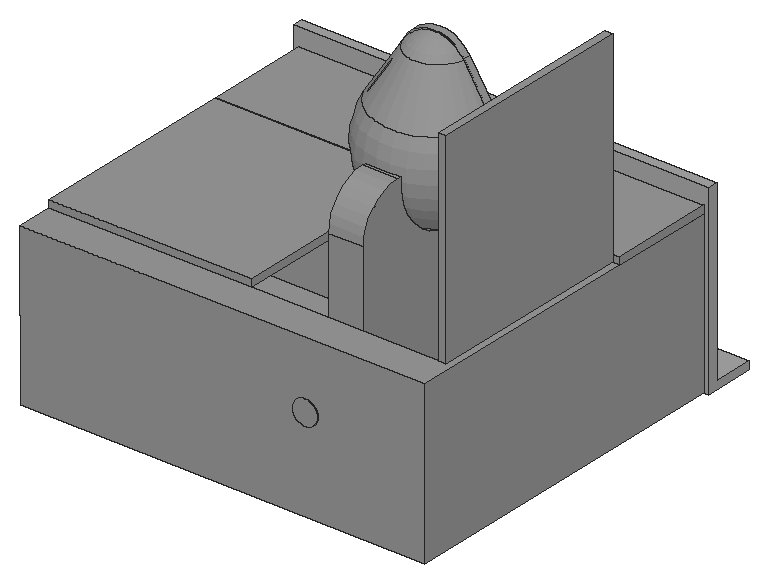
Revit family "Modular_Patient_Care_Unit-Willoughby-Patient_Care_Unit-WH-1750-R-SFO", category Plumbing Fixtures, Revit 2015
Parameters (values of type "Standard")
  Waste RAD [instance] = Waste DIA / 2  # 1 1/4"
  Waste DIA [instance] = 2 1/2"
  Waste Connection = yes
  Vent Connection = no
  URL = "https://www.willoughby-ind.com/wp-content/uploads/2018/01/WH-1750.pdf"
  Type Comments = ""
  Stainless Steel = Stainless Steel AISI 304-Willoughby
  Solid Polymer Finish = Polyethylene, High Density
  Revision = "A"
  Model = "WH-1750-R-SFO"
  Manufacturer = "Willoughby Industries"
  Lav Inlets RAD [instance] = Lav Inlets DIA / 2  # 1/4"
  Lav Inlets DIA [instance] = 1/2"
  Lav Drain DIA [instance] = 1"
  Lav DR-RAD [instance] = Lav Drain DIA / 2  # 1/2"
  HW Connection = yes
  Flush inlet RAD [instance] = Flush inlet DIA / 2  # 1/2"
  Flush inlet DIA [instance] = 1"
  Dialysis Drain DIA [instance] = 1 1/2"
  Dialysis Box Inlets DIA [instance] = 1/2"
  Description = "Patient Care Unit"
  Default Elevation = 0' - 0"
  DB-RAD [instance] = Dialysis Box Inlets DIA / 2  # 1/4"
  D-Drain RAD [instance] = Dialysis Drain DIA / 2  # 3/4"
  Contact Number = "(800) 428-4065"
  CW Connection = yes
  Bed Pan Inlet RAD [instance] = Bed Pan Inlet DIA / 2  # 1/4"
  Bed Pan Inlet DIA [instance] = 1/2"
  Aquasurf Solid Surface = Solid Surface Acrylic Resin-Willoughby
Reference planes (in)
  plane 1 "Base": y = -16.25
  plane 2: z = 0
  plane 3 "Center": x = 18.31072
  plane 4: y = 23.75
  plane 5: z = 36.625
  plane 6: y = 0.75
  plane 7 "Waste": y = -11
  plane 8 "D-HGT": y = 17.5
  plane 9 "Center Line": x = 9.62322
  plane 10 "D-Hot": x = 12.12322
  plane 11 "D-Cold": x = 16.12322
  plane 12 "Flush Inlet": y = 10.25
  plane 13 "D-Drain HT": y = 4.875
  plane 14 "D-Drain OFF": x = 21.87322
  plane 15 "Bed Pan Inlet": y = 10.8125
  plane 16: x = -7.25178
  plane 17: y = 9.25
  plane 18: x = -6.06428
  plane 19: x = -3.18928
  plane 20: y = 7
  plane 21: x = 0.31072
  plane 22: z = 9.375
  plane 23 "FlushValveWaterInlet": x = 9.56072
Forms (in)
  Extrusion 1, solid, material "Stainless Steel AISI 304-Willoughby" <- "Stainless Steel"
    sketch origin (16.25553, 9.45936, 3.73121) x (-0.999983, 0, -0.005769) y (0.005769, 0, -0.999983)
      loop
        line (1.29775, -16.80087) -> (1.39985, 0.89815) -> (-5.6272, 0.93869) -> (-5.72963, -16.81676)
        arc (-5.72963, -16.81676) -> (-8.95149, -21.00624) -> (-8.32598, -26.25419) r 7
        line (-8.32598, -26.25419) -> (-5.16213, -31.30384)
        arc (-5.16213, -31.30384) -> (-2.1962, -32.94554) -> (0.76972, -31.30384) r 3.5
        line (0.76972, -31.30384) -> (3.80565, -26.45542)
        arc (3.80565, -26.45542) -> (4.5729, -21.10311) -> (1.29775, -16.80087) r 7
      loop
        arc (2.03989, -24.70557) -> (-2.20225, -18.23804) -> (-6.44438, -24.70557) r 4.625
        line (-6.44438, -24.70557) -> (-4.04125, -30.23842)
        arc (-4.04125, -30.23842) -> (-2.20225, -31.45225) -> (-0.36324, -30.23842) r 2
        line (-0.36324, -30.23842) -> (2.03989, -24.70557)
    from 8.72968 to 9.5
  Revolve 2, solid, material "Stainless Steel AISI 304-Willoughby" <- "Stainless Steel"
    sketch origin (19.37246, 0.45936, 6.93674) x (-1, 0, 0) y (0, 0, -1)
      loop
        line (1.06174, -12.59906) -> (1.06174, -12.84906)
        arc (1.06174, -12.84906) -> (6.96784, -16.33096) -> (6.78077, -23.18447) r 6.75
        line (6.78077, -23.18447) -> (3.81535, -27.91457)
        arc (3.81535, -27.91457) -> (2.63527, -29.03194) -> (1.06174, -29.43826) r 3.25
        line (1.06174, -29.43826) -> (1.06174, -29.68826)
        arc (1.06174, -29.68826) -> (2.75672, -29.25045) -> (4.02767, -28.04656) r 3.5
        line (4.02767, -28.04656) -> (7.06964, -23.19143)
        arc (7.06964, -23.19143) -> (7.15052, -16.14555) -> (1.06174, -12.59906) r 7
      axis (1.06174, -12.59906) -> (1.06174, -29.68826)
    angle from 0 to -180
  Extrusion 3, solid, material "Stainless Steel AISI 304-Willoughby" <- "Stainless Steel"
    sketch origin (19.53334, -1.02032, 5.9242) x (0, 1, 0) y (0, 0, 1)
      loop
        line (-5.48285, -3.0992) -> (0.97968, -3.0992) -> (0.97968, 13.76202)
        arc (0.97968, 13.76202) -> (-3.33475, 15.6078) -> (-5.48285, 19.77995) r 6.92744
        line (-5.48285, 19.77995) -> (-5.48285, -3.0992)
    from 0.52738 to -2.97262
  Extrusion 4, solid, material "Stainless Steel AISI 304-Willoughby" <- "Stainless Steel"
    sketch origin (17.03334, 29.33792, 6.56919) x (0, 1, 0) y (0, 0, 1)
      loop
        line (-35.84109, -3.74419) -> (-35.84109, 20.30581) -> (-36.18717, 20.30581)
        arc (-36.18717, 20.30581) -> (-39.21058, 19.05347) -> (-40.46292, 16.03006) r 4.27575
        line (-40.46292, 16.03006) -> (-40.46292, -3.74419) -> (-35.84109, -3.74419)
    from -0.47262 to 3.02738
  Extrusion 5, solid, material "Solid Surface Acrylic Resin-Willoughby" <- "Aquasurf Solid Surface"
    sketch origin (0, -16.25, 0) x (1, 0, 0) y (0, 0, 1)
      loop
        line (30.81072, 0.825) -> (-10.81428, 0.825) -> (-10.81428, 0) -> (30.81072, 0) -> (30.81072, 0.825)
    from -40 to -35
  Extrusion 6, solid, material "Solid Surface Acrylic Resin-Willoughby" <- "Aquasurf Solid Surface"
    sketch origin (-2.125, -16.25, 1.25) x (1, 0, 0) y (0, 0, 1)
      loop
        line (32.93572, -1.25) -> (32.93572, 17.375) -> (-8.68928, 17.375) -> (-8.68928, -1.25) -> (32.93572, -1.25)
    from -36 to -35
  Extrusion 7, solid, material "Stainless Steel AISI 304-Willoughby" <- "Stainless Steel"
    sketch origin (0, -16.25, 0) x (1, 0, 0) y (0, 0, 1)
      loop
        line (30.31072, 0) -> (30.31072, 16.125) -> (-10.31428, 16.125) -> (-10.31428, 0) -> (30.31072, 0)
    from -35 to 0
  Extrusion 8, void, detail levels fine
    sketch origin (0, -16.25, 0) x (1, 0, 0) y (0, 0, 1)
      loop
        line (29.56072, 17.375) -> (-7.43928, 17.375) -> (-7.43928, 2.825) -> (29.56072, 2.825) -> (29.56072, 17.375)
    from -3.625 to -24.5
  Extrusion 9, solid, material "Polyethylene, High Density" <- "Solid Polymer Finish"
    sketch origin (0, -16.25, 0) x (1, 0, 0) y (0, 0, 1)
      loop
        line (9.99822, 16.125) -> (9.99822, 16.875) -> (-10.31428, 16.875) -> (-10.31428, 16.125) -> (9.99822, 16.125)
    from -3.625 to -24.5
  Extrusion 10, solid, material "Polyethylene, High Density" <- "Solid Polymer Finish"
    sketch origin (0, 4.625, 0) x (1, 0, 0) y (0, 0, 1)
      loop
        line (3.4046, 16.125) -> (3.4046, 16.875) -> (-10.31428, 16.875) -> (-10.31428, 16.125) -> (3.4046, 16.125)
    from -3.625 to -14.125
  Extrusion 11, solid, material "Polyethylene, High Density" <- "Solid Polymer Finish"
    sketch origin (26.90612, 4.625, 0) x (1, 0, 0) y (0, 0, 1)
      loop
        line (3.4046, 16.125) -> (3.4046, 16.875) -> (-10.31428, 16.875) -> (-10.31428, 16.125) -> (3.4046, 16.125)
    from -3.625 to -14.125
  Extrusion 12, solid, material "Polyethylene, High Density" <- "Solid Polymer Finish"
    sketch origin (13.18725, 4.625, 0) x (1, 0, 0) y (0, 0, 1)
      loop
        line (3.4046, 16.125) -> (3.4046, 16.875) -> (-9.78265, 16.875) -> (-9.78265, 16.125) -> (3.4046, 16.125)
    from -3.625 to -14.125
  Extrusion 13, solid, material "Polyethylene, High Density" <- "Solid Polymer Finish"
    sketch origin (12.68572, -16.25, 26.12322) x (0, 0, -1) y (1, 0, 0)
      loop
        line (9.99822, 16.125) -> (9.99822, 16.875) -> (-10.50178, 16.875) -> (-10.50178, 16.125) -> (9.99822, 16.125)
    from -3.625 to -24.5
  Extrusion 14, void, detail levels fine
    sketch origin (0, 19.75, 0) x (1, 0, 0) y (0, 0, 1)
      loop
        line (5.56072, 14.67585) -> (-4.68928, 14.67585)
        arc (-4.68928, 14.67585) -> (-6.10349, 14.09007) -> (-6.68928, 12.67585) r 2
        line (-6.68928, 12.67585) -> (-6.68928, 5.30085)
        arc (-6.68928, 5.30085) -> (-6.10349, 3.88664) -> (-4.68928, 3.30085) r 2
        line (-4.68928, 3.30085) -> (5.56072, 3.30085)
        arc (5.56072, 3.30085) -> (6.97493, 3.88664) -> (7.56072, 5.30085) r 2
        line (7.56072, 5.30085) -> (7.56072, 12.67585)
        arc (7.56072, 12.67585) -> (6.97493, 14.09007) -> (5.56072, 14.67585) r 2
    from 0 to 8
  Extrusion 15, solid, material "Stainless Steel AISI 304-Willoughby" <- "Stainless Steel", detail levels fine
    sketch origin (0, -16.25, -9.5875) x (1, 0, 0) y (0, 0, -1)
      loop
        circle (18.31072, -18.9625) r 1.25
    from 0 to 2.825
  Extrusion 16, solid, detail levels fine
    sketch origin (-1.20803, 1.46689, 0) x (1, 0, 0) y (0, 1, 0)
      loop
        circle (13.33124, 16.03311) r 0.25
    from 0 to 0.486
  Extrusion 17, solid, detail levels fine
    sketch origin (3.22341, 1.29431, 0) x (1, 0, 0) y (0, 1, 0)
      loop
        circle (12.89981, 16.20569) r 0.25
    from 0 to 0.486
  Extrusion 18, solid, detail levels fine
    sketch origin (-0.0625, 0, 0) x (1, 0, 0) y (0, 1, 0)
      loop
        circle (9.62322, 10.25) r 0.5
    from 0 to 1
  Extrusion 19, solid, detail levels fine
    sketch origin (-0.375, 0, 0) x (1, 0, 0) y (0, 1, 0)
      loop
        circle (22.24822, 4.875) r 0.75
    from 0 to 1
  Extrusion 20, solid, detail levels fine
    sketch origin (0, 0, 0) x (1, 0, 0) y (0, 1, 0)
      loop
        circle (-7.25178, 10.8125) r 0.25
    from 0 to 1
  Extrusion 21, solid, detail levels fine
    sketch origin (-0.375, 0, 0) x (1, 0, 0) y (0, 1, 0)
      loop
        circle (-5.68928, 9.25) r 0.25
    from 0 to 1
  Extrusion 22, solid, material "Stainless Steel AISI 304-Willoughby" <- "Stainless Steel", detail levels fine
    sketch origin (0, 0, 0) x (1, 0, 0) y (0, 1, 0)
      loop
        circle (-3.18928, 9.25) r 0.25
    from 0 to 1
  Extrusion 23, solid, detail levels fine
    sketch origin (0, 0, 0) x (1, 0, 0) y (0, 1, 0)
      loop
        circle (0.31072, 7) r 0.5
    from 0 to 1
Cuts and joins
  joined: Extrusion 3, Extrusion 4
  Extrusion 8, Extrusion 14 cuts Extrusion 7
  Extrusion 14 cuts Extrusion 6
  joined: Extrusion 5, Extrusion 6
Lines and regions (in)
  symbolic lines
    curve 1: line (-10.31428, -16.25, 0) -> (-10.31428, 18.75, 0)
    curve 2: line (-10.31428, 18.75, 0) -> (30.31072, 18.75, 0)
    curve 3: line (30.31072, 18.75, 0) -> (30.31072, -16.25, 0)
    curve 4: line (30.31072, -16.25, 0) -> (-10.31428, -16.25, 0)
    curve 22: line (30.81072, -16.25, 0) -> (30.81072, -16.25, 18.625)
    curve 23: line (30.81072, -16.25, 18.625) -> (-10.81428, -16.25, 18.625)
    curve 24: line (-10.81428, -16.25, 18.625) -> (-10.81428, -16.25, 0)
    curve 25: line (-10.81428, -16.25, 0) -> (30.81072, -16.25, 0)
    curve 48: line (18.31072, -16.25, 0) -> (18.31072, 18.75, 0)
    curve 49: line (18.31072, 18.75, 0) -> (18.31072, 18.75, 16.125)
    curve 50: line (18.31072, 18.75, 16.125) -> (18.31072, -16.25, 16.125)
    curve 51: line (18.31072, -16.25, 16.125) -> (18.31072, -16.25, 0)
  symbolic lines, detail levels medium+fine
    curve 5: line (-10.31428, -12.625, 0) -> (29.56072, -12.625, 0)
    curve 6: line (29.56072, -12.625, 0) -> (29.56072, 8.25, 0)
    curve 7: line (28.81072, 8.25, 0) -> (28.81072, -12.625, 0)
    curve 8: line (30.31072, 8.25, 0) -> (-10.31428, 8.25, 0)
    curve 9: line (-10.81428, 19.75, 0) -> (30.81072, 19.75, 0)
    curve 10: line (3.4046, 18.75, 0) -> (3.4046, 8.25, 0)
    curve 11: line (16.59184, 18.75, 0) -> (16.59184, 8.25, 0)
    curve 21: line (9.99822, 8.25, 0) -> (9.99822, -12.625, 0)
    curve 26: line (30.81072, -16.25, 0.825) -> (-10.81428, -16.25, 0.825)
    curve 27: line (29.56072, -16.25, 18.625) -> (29.56072, -16.25, 36.625)
    curve 28: line (29.56072, -16.25, 36.625) -> (28.81072, -16.25, 36.625)
    curve 29: line (28.81072, -16.25, 36.625) -> (28.81072, -16.25, 18.625)
    curve 30: line (21.88806, -16.25, 18.625) -> (21.88806, -16.25, 20.58074)
    curve 31: line (14.86088, -16.25, 20.52431) -> (14.86088, -16.25, 18.625)
    curve 33: line (24.34612, -16.25, 30.16506) -> (21.237, -16.25, 35.06431)
    curve 34: line (15.3264, -16.25, 35.06431) -> (12.296, -16.25, 30.16506)
    curve 44: arc (12.296, -16.25, 30.16506) -> (18.32106, -16.25, 19.52803) -> (24.34612, -16.25, 30.16506) r 7.02488
    curve 45: arc (21.237, -16.25, 35.06431) -> (18.2817, -16.25, 36.68901) -> (15.3264, -16.25, 35.06431) r 3.50016
    curve 52: line (18.31072, 18.75, 18.625) -> (18.31072, 18.75, 16.125)
    curve 53: line (18.31072, 23.75, 0) -> (18.31072, 23.75, 0.825)
    curve 54: line (18.31072, 23.75, 0.825) -> (18.31072, 19.75, 0.825)
    curve 55: line (18.31072, 19.75, 0.825) -> (18.31072, 19.75, 18.625)
    curve 56: line (18.31072, 19.75, 18.625) -> (18.31072, 18.75, 18.625)
    curve 57: line (18.31072, 18.75, 16.875) -> (18.31072, -12.625, 16.875)
    curve 58: line (18.31072, -12.625, 16.875) -> (18.31072, -12.625, 16.125)
    curve 59: line (18.31072, 8.25, 16.125) -> (18.31072, 8.25, 16.875)
    curve 60: line (18.31072, 8.25, 16.875) -> (18.31072, 8.25, 36.625)
    curve 61: line (18.31072, 8.25, 36.625) -> (18.31072, -12.625, 36.625)
    curve 62: line (18.31072, -12.625, 36.625) -> (18.31072, -12.625, 16.875)
    curve 73: line (18.31072, 23.75, 0) -> (18.31072, 18.75, 0)
    curve 75: line (30.31072, 18.75, 0) -> (30.81072, 18.75, 0)
    curve 76: line (30.81072, 18.75, 0) -> (30.81072, 23.75, 0)
    curve 77: line (30.81072, 23.75, 0) -> (-10.81428, 23.75, 0)
    curve 78: line (-10.81428, 23.75, 0) -> (-10.81428, 18.75, 0)
    curve 79: line (-10.81428, 18.75, 0) -> (-10.31428, 18.75, 0)
  symbolic lines, detail levels fine
    curve 12: line (11.32585, -0.04064, 0) -> (11.32585, 0.72968, 0)
    curve 13: line (11.32585, 0.72968, 0) -> (25.32585, 0.72968, 0)
    curve 14: line (25.32585, 0.72968, 0) -> (25.32585, -0.04064, 0)
    curve 15: line (25.32585, -0.04064, 0) -> (11.32585, -0.04064, 0)
    curve 16: arc (25.32585, -0.04064, 0) -> (23.09667, -4.66971, 0) -> (18.31072, -6.53845, 0) r 7.01593
    curve 17: arc (18.31072, -6.53845, 0) -> (13.54567, -4.65755, 0) -> (11.32585, -0.04064, 0) r 7.0229
    curve 18: line (20.06072, -6.32142, 0) -> (20.06072, -11.125, 0)
    curve 19: line (20.06072, -11.125, 0) -> (16.56072, -11.125, 0)
    curve 20: line (16.56072, -11.125, 0) -> (16.56072, -6.31219, 0)
    curve 32: line (22.55729, -16.25, 28.47354) -> (20.12228, -16.25, 33.99244)
    curve 35: line (5.56072, -16.25, 14.67585) -> (-4.68928, -16.25, 14.67585)
    curve 36: line (-6.68928, -16.25, 12.67585) -> (-6.68928, -16.25, 5.30085)
    curve 37: line (-4.68928, -16.25, 3.30085) -> (5.56072, -16.25, 3.30085)
    curve 38: line (7.56072, -16.25, 5.30085) -> (7.56072, -16.25, 12.67585)
    curve 39: arc (7.56072, -16.25, 12.67585) -> (6.97493, -16.25, 14.09007) -> (5.56072, -16.25, 14.67585) r 2
    curve 40: arc (-4.68928, -16.25, 14.67585) -> (-6.10349, -16.25, 14.09007) -> (-6.68928, -16.25, 12.67585) r 2
    curve 41: arc (-6.68928, -16.25, 5.30085) -> (-6.10349, -16.25, 3.88664) -> (-4.68928, -16.25, 3.30085) r 2
    curve 42: arc (5.56072, -16.25, 3.30085) -> (6.97493, -16.25, 3.88664) -> (7.56072, -16.25, 5.30085) r 2
    curve 43: arc (22.55729, -16.25, 28.47354) -> (18.35253, -16.25, 21.98166) -> (14.07316, -16.25, 28.4246) r 4.625
    curve 46: arc (20.12228, -16.25, 33.99244) -> (18.28784, -16.25, 35.18812) -> (16.4534, -16.25, 33.99244) r 2.00506
    curve 47: line (16.4534, -16.25, 33.99244) -> (14.07316, -16.25, 28.4246)
    curve 63: line (18.31072, 0.72968, 16.875) -> (18.31072, 0.72968, 36.625)
    curve 64: line (18.31072, -0.04064, 36.625) -> (18.31072, -0.04064, 16.875)
    curve 65: arc (18.31072, -0.04064, 36.625) -> (18.31072, -1.41038, 36.08984) -> (18.31072, -2.4564, 35.05619) r 3.63832
    curve 66: line (18.31072, -2.4564, 35.05619) -> (18.31072, -5.54854, 30.12817)
    curve 67: arc (18.31072, -5.54854, 30.12817) -> (18.31072, -6.25088, 28.56762) -> (18.31072, -6.50317, 26.875) r 6.24408
    curve 68: line (18.31072, -6.50317, 26.875) -> (18.31072, -6.84925, 26.875)
    curve 69: arc (18.31072, -6.84925, 26.875) -> (18.31072, -9.87266, 25.62266) -> (18.31072, -11.125, 22.59925) r 4.27575
    curve 70: line (18.31072, -11.125, 22.59925) -> (18.31072, -11.125, 16.875)
    curve 71: line (18.31072, -6.50317, 26.875) -> (18.31072, -6.50317, 25.70414)
    curve 72: arc (18.31072, -6.50317, 25.70414) -> (18.31072, -4.35507, 21.53199) -> (18.31072, -0.04064, 19.68622) r 6.92744
    curve 74: line (18.31072, 0.72968, 36.625) -> (18.31072, -0.04064, 36.625)
Dimensions and locks (in)
  locked: plane 1 "Base" to plane 7 "Waste" at 5.25
  locked: cut or joined group of Extrusion 7, Extrusion 8, Extrusion 14 to plane 8 "D-HGT" at 33.75
  locked: plane 9 "Center Line" to plane 10 "D-Hot" at 2.5
  locked: plane 9 "Center Line" to plane 11 "D-Cold" at 6.5
  locked: plane 1 "Base" to plane 12 "Flush Inlet" at 26.5
  locked: plane 1 "Base" to plane 13 "D-Drain HT" at 21.125
  locked: plane 15 "Bed Pan Inlet" to plane 1 "Base" at 27.0625
  locked: plane 16 to plane 9 "Center Line" at 16.875
  locked: plane 1 "Base" to plane 17 at 25.5
  locked: plane 21 to plane 9 "Center Line" at 9.3125
  locked: plane 1 "Base" to plane 20 at 23.25
  locked: cut or joined group of Extrusion 5, Extrusion 6, Extrusion 14 to level at 18.625
  locked: Extrusion 6 sketch curve to Extrusion 6 sketch curve at 41.625
  locked: connector elem to plane 9 "Center Line" at 15.6875
  locked: plane 9 "Center Line" to plane 14 "D-Drain OFF" at 12.25
  plane 9 "Center Line" to plane 3 "Center" = 0' - 8 11/16"
  locked: connector elem to plane 9 "Center Line" at 12.8125
  locked: plane 23 "FlushValveWaterInlet" to plane 9 "Center Line" at 0.0625
  locked: cut or joined group of Extrusion 5, Extrusion 6, Extrusion 14 to plane 1 "Base" at 40
  cut or joined group of Extrusion 7, Extrusion 8, Extrusion 14 to plane 22 to level = 0' - 6 3/4" locked, 0' - 9 3/8" locked
  locked: Extrusion 13 to Extrusion 13 at 20.875
  locked: Extrusion 13 to plane 1 "Base" at 3.625
  locked: cut or joined group of Extrusion 5, Extrusion 6, Extrusion 14 to cut or joined group of Extrusion 5, Extrusion 6, Extrusion 14 at 1
  locked: cut or joined group of Extrusion 5, Extrusion 6, Extrusion 14 to cut or joined group of Extrusion 5, Extrusion 6, Extrusion 14 at 0.825
  locked: plane 6 to plane 1 "Base" at 17
  locked: Extrusion 1 to Extrusion 1 at 0.77032
  locked: Extrusion 9 to level at 16.875
  locked: plane 2 to cut or joined group of Extrusion 5, Extrusion 6, Extrusion 14 at 18.625
  locked: cut or joined group of Extrusion 5, Extrusion 6, Extrusion 14 to plane 3 "Center" at 12.5
  locked: Extrusion 13 sketch curve to Extrusion 13 sketch curve at 0.75
  locked: Extrusion 11 to Extrusion 13 sketch curve at 20.5
  locked: cut or joined group of Extrusion 7, Extrusion 8, Extrusion 14 to Extrusion 13 sketch curve at 0.75
  locked: Extrusion 1 sketch curve to Extrusion 1 sketch curve at 7.02717
  locked: Extrusion 1 sketch curve to Extrusion 1 sketch curve at 3.46497
  locked: level to Extrusion 1 sketch curve at 26.60658
  locked: Extrusion 1 sketch curve to Extrusion 1 sketch curve at 6.5825
  locked: Extrusion 1 sketch curve to Extrusion 1 sketch curve
  Extrusion 1 sketch curve to Extrusion 1 sketch curve = 0' - 0.00903"
  locked: cut or joined group of Extrusion 5, Extrusion 6, Extrusion 14 to Extrusion 1 sketch curve at 12.48487
  locked: Extrusion 1 to Extrusion 3 sketch curve at 6.46253
  locked: cut or joined group of Extrusion 3, Extrusion 4 to plane 1 "Base" at 5.125
  locked: Extrusion 4 sketch curve to level at 26.875
  locked: plane 2 to cut or joined group of Extrusion 5, Extrusion 6, Extrusion 14 at 0.825
  locked: plane 2 to cut or joined group of Extrusion 5, Extrusion 6, Extrusion 14 at 3.30085
  locked: cut or joined group of Extrusion 5, Extrusion 6, Extrusion 14 to cut or joined group of Extrusion 5, Extrusion 6, Extrusion 14 at 11.375
  locked: cut or joined group of Extrusion 5, Extrusion 6, Extrusion 14 to cut or joined group of Extrusion 5, Extrusion 6, Extrusion 14 at 4.125
  locked: cut or joined group of Extrusion 5, Extrusion 6, Extrusion 14 to cut or joined group of Extrusion 5, Extrusion 6, Extrusion 14 at 14.25
  locked: cut or joined group of Extrusion 5, Extrusion 6, Extrusion 14 to Extrusion 13 at 1.25
  locked: Extrusion 13 to Extrusion 13 at 0.75
  locked: cut or joined group of Extrusion 5, Extrusion 6, Extrusion 14 to Extrusion 13 at 18
  radius of cut or joined group of Extrusion 3, Extrusion 4 = 0' - 4.27575"
  radius of Extrusion 1 sketch curve = 0' - 7"
  radius of Extrusion 1 sketch curve = 0' - 4 5/8"
  radius of Extrusion 1 sketch curve = 0' - 2"
  radius of Extrusion 1 sketch curve = 0' - 3 1/2"
  radius of cut or joined group of Extrusion 3, Extrusion 4 = 0' - 6.92744"
  radius of cut or joined group of Extrusion 5, Extrusion 6, Extrusion 14 = 0' - 2"  (x4)
  radius of Extrusion 1 = 0' - 7"
  radius of Extrusion 1 = 0' - 4 5/8"
  radius of Extrusion 1 = 0' - 2"
  radius of Extrusion 1 = 0' - 3 1/2"
  locked: cut or joined group of Extrusion 7, Extrusion 8, Extrusion 14 to Extrusion 1 sketch curve (angle 90.00°)
  locked: Extrusion 1 sketch curve to cut or joined group of Extrusion 7, Extrusion 8, Extrusion 14 (angle 90.00°)
  locked: Extrusion 1 sketch curve to Extrusion 1 sketch curve (angle 46.9544°)
  locked: Extrusion 1 sketch curve to Extrusion 1 sketch curve (angle 64.1382°)
  locked: Extrusion 1 to Extrusion 1 (angle 64.1382°)
  locked: Extrusion 1 to Extrusion 1 (angle 46.9544°)
  locked: plane 3 "Center" to Extrusion 1 (angle 23.1467°)
  locked: plane 3 "Center" to Extrusion 1 (angle 31.7386°)
  aligned and locked: plane 1 "Base" to Extrusion 7
  aligned and locked: plane 3 "Center" to Extrusion 15 sketch curve
  aligned: plane 7 "Waste" to Extrusion 15 sketch curve
  aligned and locked: plane 8 "D-HGT" to Extrusion 16 sketch curve
  aligned and locked: plane 10 "D-Hot" to Extrusion 16 sketch curve
  aligned and locked: plane 8 "D-HGT" to Extrusion 17 sketch curve
  aligned and locked: plane 11 "D-Cold" to Extrusion 17 sketch curve
  aligned and locked: plane 12 "Flush Inlet" to Extrusion 18 sketch curve
  aligned: plane 9 "Center Line" to Extrusion 18 sketch curve
  aligned and locked: plane 13 "D-Drain HT" to Extrusion 19 sketch curve
  aligned: plane 14 "D-Drain OFF" to Extrusion 19 sketch curve
  aligned and locked: plane 15 "Bed Pan Inlet" to Extrusion 20 sketch curve
  aligned and locked: plane 16 to Extrusion 20 sketch curve
  aligned and locked: plane 17 to Extrusion 21 sketch curve
  aligned: plane 18 to Extrusion 21 sketch curve
  aligned and locked: plane 17 to Extrusion 22 sketch curve
  aligned and locked: plane 19 to Extrusion 22 sketch curve
  aligned and locked: plane 20 to Extrusion 23 sketch curve
  aligned and locked: plane 21 to Extrusion 23 sketch curve
  aligned and locked: plane 22 to Extrusion 15 sketch curve
  aligned and locked: cut or joined group of Extrusion 5, Extrusion 6, Extrusion 14 to plane 2
  aligned and locked: cut or joined group of Extrusion 7, Extrusion 8, Extrusion 14 to level
  aligned and locked: plane 1 "Base" to cut or joined group of Extrusion 7, Extrusion 8, Extrusion 14
  aligned and locked: plane 4 to cut or joined group of Extrusion 5, Extrusion 6, Extrusion 14
  aligned and locked: cut or joined group of Extrusion 5, Extrusion 6, Extrusion 14 to cut or joined group of Extrusion 5, Extrusion 6, Extrusion 14  (x6)
  aligned and locked: cut or joined group of Extrusion 7, Extrusion 8, Extrusion 14 to cut or joined group of Extrusion 5, Extrusion 6, Extrusion 14  (x5)
  aligned and locked: cut or joined group of Extrusion 7, Extrusion 8, Extrusion 14 to Extrusion 13
  aligned and locked: plane 2 to Extrusion 6 sketch curve
  aligned and locked: Extrusion 13 sketch curve to cut or joined group of Extrusion 7, Extrusion 8, Extrusion 14
  aligned and locked: Extrusion 13 sketch curve to Extrusion 11
  aligned and locked: Extrusion 1 sketch curve to cut or joined group of Extrusion 7, Extrusion 8, Extrusion 14
  aligned and locked: cut or joined group of Extrusion 7, Extrusion 8, Extrusion 14 to Extrusion 1 sketch curve
  aligned and locked: Extrusion 3 sketch curve to Extrusion 1
  aligned and locked: Extrusion 3 sketch curve to cut or joined group of Extrusion 7, Extrusion 8, Extrusion 14
  aligned and locked: Extrusion 4 sketch curve to cut or joined group of Extrusion 7, Extrusion 8, Extrusion 14
  aligned and locked: Extrusion 4 sketch curve to Extrusion 4 sketch curve
  aligned and locked: cut or joined group of Extrusion 5, Extrusion 6, Extrusion 14 to level
  aligned and locked: Extrusion 13 to plane 5
Connectors (in)
  piping at (18.31072, -16.25, 9.375), diameter 2.5, driven by "Waste RAD", driven by "Waste Connection"
    settings: on Extrusion 15, index 1, connector inside diameter 2 1/2", connector length 0' - 0", flow factor 0, pipe flow 0 GPM, pressure drop 0.00 psi, fitting loss kfactor 0, connector angle 0.00°, fixture units 0, engagement length 0' - 0", angle of deflection 0.00°, flow configuration 0, flow direction 2, fitting loss method 0, system type 16, joint type 0, gender type 0, connector reference index -1, connector utility 1, adjustable connector no, is connector primary yes, connector description "Waste Out"
  piping at (16.12322, 17.5, 0), diameter 0.5, driven by "DB-RAD", driven by "CW Connection"
    settings: on Extrusion 17, index 2, connector inside diameter 1/2", connector length 0' - 0", flow factor 0, pipe flow 0 GPM, pressure drop 0.00 psi, fitting loss kfactor 0, connector angle 0.00°, fixture units 0, engagement length 0' - 0", angle of deflection 0.00°, flow configuration 0, flow direction 1, fitting loss method 0, system type 20, joint type 0, gender type 0, connector reference index -1, connector utility 1, adjustable connector no, is connector primary no, connector description "Dialysis CW Inlet"
  piping at (12.12322, 17.5, 0), diameter 0.5, driven by "DB-RAD", driven by "HW Connection"
    settings: on Extrusion 16, index 3, connector inside diameter 1/2", connector length 0' - 0", flow factor 0, pipe flow 0 GPM, pressure drop 0.00 psi, fitting loss kfactor 0, connector angle 0.00°, fixture units 0, engagement length 0' - 0", angle of deflection 0.00°, flow configuration 0, flow direction 1, fitting loss method 0, system type 19, joint type 0, gender type 0, connector reference index -1, connector utility 1, adjustable connector no, is connector primary no, connector description "Dialysis HW Inlet"
  piping at (9.56072, 10.25, 0), diameter 1, driven by "Flush inlet RAD", driven by "CW Connection"
    settings: on Extrusion 18, index 4, connector inside diameter 1", connector length 0' - 0", flow factor 0, pipe flow 0 GPM, pressure drop 0.00 psi, fitting loss kfactor 0, connector angle 0.00°, fixture units 0, engagement length 0' - 0", angle of deflection 0.00°, flow configuration 0, flow direction 1, fitting loss method 0, system type 20, joint type 0, gender type 0, connector reference index -1, connector utility 1, adjustable connector no, is connector primary no, connector description "Flush Inlet"
  piping at (21.87322, 4.875, 0), diameter 1.5, driven by "D-Drain RAD", driven by "Waste Connection"
    settings: on Extrusion 19, index 5, connector inside diameter 1 1/2", connector length 0' - 0", flow factor 0, pipe flow 0 GPM, pressure drop 0.00 psi, fitting loss kfactor 0, connector angle 0.00°, fixture units 0, engagement length 0' - 0", angle of deflection 0.00°, flow configuration 0, flow direction 2, fitting loss method 0, system type 16, joint type 0, gender type 0, connector reference index -1, connector utility 1, adjustable connector no, is connector primary no, connector description "Dialysis Drain"
  piping at (-7.25178, 10.8125, 0), diameter 0.5, driven by "Bed Pan Inlet RAD", driven by "CW Connection"
    settings: on Extrusion 20, index 6, connector inside diameter 1/2", connector length 0' - 0", flow factor 0, pipe flow 0 GPM, pressure drop 0.00 psi, fitting loss kfactor 0, connector angle 0.00°, fixture units 0, engagement length 0' - 0", angle of deflection 0.00°, flow configuration 0, flow direction 1, fitting loss method 0, system type 20, joint type 0, gender type 0, connector reference index -1, connector utility 1, adjustable connector no, is connector primary no, connector description "Bed Pan Inlet"
  piping at (-6.06428, 9.25, 0), diameter 0.5, driven by "Lav Inlets RAD", driven by "HW Connection"
    settings: on Extrusion 21, index 7, connector inside diameter 1/2", connector length 0' - 0", flow factor 0, pipe flow 0 GPM, pressure drop 0.00 psi, fitting loss kfactor 0, connector angle 0.00°, fixture units 0, engagement length 0' - 0", angle of deflection 0.00°, flow configuration 0, flow direction 1, fitting loss method 0, system type 19, joint type 0, gender type 0, connector reference index -1, connector utility 1, adjustable connector no, is connector primary no, connector description "Lav HW Inlet"
  piping at (-3.18928, 9.25, 0), diameter 0.5, driven by "Lav Inlets RAD", driven by "CW Connection"
    settings: on Extrusion 22, index 8, connector inside diameter 1/2", connector length 0' - 0", flow factor 0, pipe flow 0 GPM, pressure drop 0.00 psi, fitting loss kfactor 0, connector angle 0.00°, fixture units 0, engagement length 0' - 0", angle of deflection 0.00°, flow configuration 0, flow direction 1, fitting loss method 0, system type 20, joint type 0, gender type 0, connector reference index -1, connector utility 1, adjustable connector no, is connector primary no, connector description "Lav CW Inlet"
  piping at (0.31072, 7, 0), diameter 1, driven by "Lav DR-RAD", driven by "Waste Connection"
    settings: on Extrusion 23, index 9, connector inside diameter 1", connector length 0' - 0", flow factor 0, pipe flow 0 GPM, pressure drop 0.00 psi, fitting loss kfactor 0, connector angle 0.00°, fixture units 0, engagement length 0' - 0", angle of deflection 0.00°, flow configuration 0, flow direction 2, fitting loss method 0, system type 16, joint type 0, gender type 0, connector reference index -1, connector utility 1, adjustable connector no, is connector primary no, connector description "Lav Drain"
